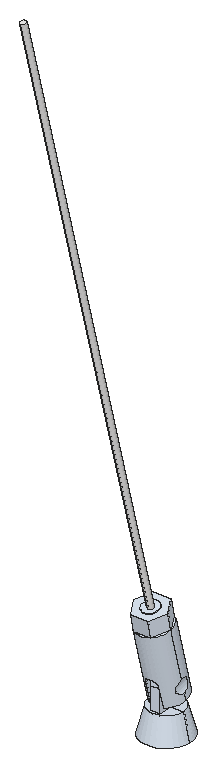
Revit family "Displays_Pier_ASHanging_Articulated", category Generic Models, Revit 2026
Family settings
  Can host rebar = No
  Round Connector Dimension = Use Diameter
  Part Type = Normal
  Classification Number = 23.40.90.11
  Work Plane-Based = Yes
  Always vertical = No
  Cut with Voids When Loaded = No
  Maintain Annotation Orientation = No
  Shared = Yes
  Room Calculation Point = No
Parameters (values of type "Top")
  Width = 0' - 0.83"
  V Offset [instance] = 3' - 10.36444"
  URL = "https://www.ashanging.com/"
  Specification = "http://www.arcat.com/sd/clients/ashangin.html?coid=45277"
  Sales Information = "https://www.ashanging.com/en/contacts/"
  Revision = "R1_2017"
  Product Properties = "https://www.ashanging.com/en/tensioned-cable-system/"
  Product Data = "http://www.arcat.com/arcatcos/cos45/arc45245.html"
  Model = "Articulated Pier"
  Manufacturer Website = "https://www.ashanging.com/"
  Manufacturer Phone - Toll Free = "866-935-6981"
  Manufacturer Phone = ""
  Manufacturer Fax = ""
  Manufacturer Address = "8396 State Route 9, West Chazy, NY 12992"
  Top = yes
  Manufacturer = "AS Hanging"
  Length [instance] = 1' - 0"
  Keynote = "10 14 00"
  Installation-Fabrication = "https://www.ashanging.com/en/support-documents/"
  Height = 0' - 2.2"
  Pier = Brushed Nickel
  H Offset [instance] = 1' - 0.42331"
  Drawn By = "Sumex Design, Robert S. Weygant"
  Description = "AS Hanging Articulated Pier"
  Default Elevation = 4' - 0"
  Copyright = "2017 ARCAT, Inc"
  Construction Details = ""
  Cap = Pier_ASH_Artic-Top : Top
  Calcang [instance] = (Angle - 90.00°)  # -15.00°
  Cable = Stainless Steel
  CL Offset = 0' - 0.83832"
  Assembly Code = "C1030500"
  Angle [instance] = 75.00°
Types (2): name | Width | Specification | Manufacturer Phone - Toll Free | Top | Length | Height | Cap | Calcang | Cable | Angle
  Top | 0' - 0.83" | "http://www.arcat.com/sd/clients/ashangin.html?coid=45277" | "866-935-6981" | yes | 1' - 0" | 0' - 2.2" | Pier_ASH_Artic-Top : Top | -15.00° | Stainless Steel | 75.00°
  Bottom | 0' - 1" | "http://www.arcat.com/sd/clients/ashangin.html?coid=45276" | "866-935-6980" | no | 2' - 7" | 0' - 0 1/2" | Pier_ASH_Artic-Top : Bottom | -45.00° | none | 45.00°
Reference planes (in)
  plane 1 "Center (Front/Back)": y = 0
  plane 2 "TwistPlacement": z = 0
  plane 3 "Center (Left/Right)": x = 0
  plane 4 "Hook Placement": z = 22
  plane 5: z = 2.2
  plane 6: x = -0.415
  plane 7: x = 0.415
  plane 8: z = 0.83832
Forms (in)
  Revolve 1, solid, material "Brushed Nickel" <- "Pier", visible <- "Top"
    sketch origin (0, 0, 0) x (1, 0, 0) y (0, 0, 1)
      loop
        line (0, 0) -> (0, 0.44) -> (-0.2971, 0.44) -> (-0.415, 0) -> (0, 0)
      axis (0, 0.44) -> (0, 0)
    angle from 0 to 360
  Extrusion 2, solid, material "Brushed Nickel" <- "Pier"
    sketch origin (0, 0, 0) x (0, 1, 0) y (0, 0, 1)
      loop
        line (-0.23399, 0.44) -> (0.23563, 0.44) -> (0.23563, 0.8227)
        arc (0.23563, 0.8227) -> (0.00082, 1.05751) -> (-0.23399, 0.8227) r 0.23481
        line (-0.23399, 0.8227) -> (-0.23399, 0.44)
    from -0.07813 to 0.07813
  Sweep 3, solid, material "Stainless Steel" <- "Cable", visible <- "Top"
    path in 3D
      loop
        line (0, -0.25882, 1.80425) -> (0, -3.10583, 12.42943)
    profile origin (0, -1.68232, 7.11684) x (0, -0.965926, -0.258819) y (1, 0, 0)
      loop
        circle (0, 0) r 0.04687
Lines and regions (in)
  reference lines
    curve 1: line (0, 1.43033, 0.83832) -> (0, -1.49042, 0.83832)
    curve 2: line (0, 0, 0.83832) -> (0, -8.02339, 30.78202)
    curve 3: line (0, 0, 0.83832) -> (0, -10.484, -1.97086)
    curve 4: line (0, 2.68973, 13.98235) -> (0, -7.93546, 11.13534)
  model lines
    curve 5: line (0, -0.25882, 1.80425) -> (0, -3.10583, 12.42943)
  sketch lines
    curve 6: line (0, -0.25882, 1.80425) -> (0, -3.10583, 12.42943)
Dimensions and locks (in)
  plane 4 "Hook Placement" to plane 2 "TwistPlacement" = 1' - 10"
  "Height": plane 5 to level
  Revolve 1 sketch curve to level = 0' - 0.44"
  "Width": plane 6 to plane 7
  equal spacing: plane 6, plane 3 "Center (Left/Right)", plane 7
  "Length": curve 3 to curve 4
  locked: curve 3 to curve 5 at 1
  "CL Offset": plane 8 to level
  "Angle": angle curve 1 to curve 2
  locked: curve 3 to curve 2 (angle 90.00°)
  aligned and locked: plane 2 "TwistPlacement" to level
  aligned and locked: level to Revolve 1 sketch curve
  aligned and locked: plane 3 "Center (Left/Right)" to Revolve 1 sketch curve
  aligned and locked: plane 3 "Center (Left/Right)" to nested 1
  aligned and locked: curve 1 to plane 8
  aligned and locked: plane 1 "Center (Front/Back)" to curve 3
  aligned and locked: plane 1 "Center (Front/Back)" to curve 2
  aligned and locked: plane 8 to curve 2
  aligned and locked: curve 4 to curve 5
Automatic sketch dimensions
  plane 6 to Revolve 1 sketch curve = 0' - 0"
  Revolve 1 sketch curve to plane 3 "Center (Left/Right)" = 0' - 0"
  Revolve 1 sketch curve to plane 6 = 0' - 0.1179"
  Revolve 1 sketch curve to level = 2' - 0"
  plane 1 "Center (Front/Back)" to Extrusion 2 sketch curve = 0' - 0.23399"
  Extrusion 2 sketch curve to plane 1 "Center (Front/Back)" = 0' - 0.00082"
  Extrusion 2 sketch curve to plane 8 = 0' - 0.39832"
  Extrusion 2 sketch curve to plane 8 = 0' - 0 1/64"
  Sweep 3 sketch curve to profile plane = 0' - 0"  (x2)
  curve 5 to curve 2 = 0' - 0"
  plane 4 "Hook Placement" to Revolve 1 sketch curve = 6' - 10.41882"
  plane 1 "Center (Front/Back)" to curve 1 = 0' - 1.49042"
  curve 2 to curve 4 = 0' - 6"
  curve 4 to curve 2 = 0' - 5"
  radius of Sweep 3 sketch curve = 0' - 0 3/64"
Nested families (in)
  nested 1: "Pier_ASH_Artic-Top" at (0, 0, 0.83832) x (1, 0, 0) z (0, -0.2588, 0.9659), type <- "Cap", type "Top"
Definition of nested family "Pier_ASH_Artic-Top"
  Parameters
    Width = 0' - 0.83"
    Specification = ""
    Sales Information = ""
    Revision = ""
    Product Properties = ""
    Product Data = ""
    Manufacturer Website = ""
    Manufacturer Phone - Toll Free = ""
    Manufacturer Phone = ""
    Manufacturer Fax = ""
    Manufacturer Address = ""
    Top = no
    Keynote = "10 14 00"
    Installation-Fabrication = ""
    Height = 0' - 1.32753"
    Pier = none
    Drawn By = ""
    Default Elevation = 4' - 0"
    Copyright = ""
    Construction Details = ""
    Assembly Code = "C1030500"
  Reference planes (in)
    plane 1 "Center (Front/Back)": y = 0
    plane 2 "TwistPlacement": z = 0
    plane 3 "Center (Left/Right)": x = 0
    plane 4 "Hook Placement": z = 22
    plane 5 "Top": z = 1.32753
    plane 6: x = -0.415
    plane 7: x = 0.415
    plane 8 "Nut": z = 1.02404
  Forms (in)
    Extrusion 1, solid, material <- "Pier", visible <- "Top"
      sketch origin (0, 0, 1.02404) x (-1, 0, 0) y (0, -1, 0)
        loop
          line (0.14839, -0.25702) -> (0.29678, 0) -> (0.14839, 0.25702) -> (-0.14839, 0.25702) -> (-0.29678, 0) -> (-0.14839, -0.25702) -> (0.14839, -0.25702)
      from 0 to 0.30348
    Extrusion 2, void
      sketch origin (0, 0, -0.25) x (1, 0, 0) y (0, 0, 1)
        loop
          line (-0.11211, 0) -> (0.11211, 0) -> (0.11211, 0.375)
          arc (0.11211, 0.375) -> (0, 0.48711) -> (-0.11211, 0.375) r 0.11211
          line (-0.11211, 0.375) -> (-0.11211, 0)
        loop
          line (0.415, 0.02493) -> (0.415, 0.47507)
          arc (0.415, 0.47507) -> (0.26409, 0.25) -> (0.415, 0.02493) r 0.24329
        loop
          arc (-0.415, 0.02493) -> (-0.26409, 0.25) -> (-0.415, 0.47507) r 0.24329
          line (-0.415, 0.47507) -> (-0.415, 0.02493)
      from -0.41476 to 0.42097
    Extrusion 3, solid, material <- "Pier"
      sketch origin (0, 0, 1.02404) x (-1, 0, 0) y (0, -1, 0)
        loop
          circle (0, 0) r 0.29678
      from -1.27404 to 0
    Extrusion 4, solid, material <- "Pier"
      sketch origin (0, 0, 1.02404) x (-1, 0, 0) y (0, -1, 0)
        loop
          circle (0, 0) r 0.14216
      from 0 to 0.30348
  Cuts and joins
    Extrusion 2 cuts Extrusion 3
  Dimensions and locks (in)
    plane 4 "Hook Placement" to plane 2 "TwistPlacement" = 1' - 10"
    "Height": plane 5 "Top" to level
    "Width": plane 6 to plane 7
    equal spacing: plane 6, plane 3 "Center (Left/Right)", plane 7
    plane 5 "Top" to plane 8 "Nut" = 0' - 0.30348"
    equal spacing: Extrusion 2 sketch curve, plane 3 "Center (Left/Right)", Extrusion 2 sketch curve
    Extrusion 2 sketch curve to Extrusion 2 sketch curve = 0' - 0.22421"
    aligned and locked: plane 2 "TwistPlacement" to level
    aligned and locked: plane 8 "Nut" to Extrusion 3
    aligned and locked: Extrusion 4 to plane 8 "Nut"
    aligned and locked: plane 5 "Top" to Extrusion 4
  Automatic sketch dimensions
    plane 6 to Extrusion 2 sketch curve = 0' - 0"
    plane 7 to Extrusion 2 sketch curve = 0' - 0"
    Extrusion 2 sketch curve to level = 0' - 0 1/4"
    plane 6 to Extrusion 2 sketch curve = 0' - 0.09238"
    Extrusion 2 sketch curve to plane 7 = 0' - 0.09238"
    Extrusion 2 sketch curve to level = 0' - 0.22507"  (x2)
    Extrusion 2 sketch curve to Extrusion 2 sketch curve = 0' - 0.22507"  (x2)
    level to Extrusion 2 sketch curve = 0' - 0 1/8"
    plane 1 "Center (Front/Back)" to Extrusion 3 sketch curve = 0' - 0"
    Extrusion 3 sketch curve to plane 3 "Center (Left/Right)" = 0' - 0"
    plane 1 "Center (Front/Back)" to Extrusion 4 sketch curve = 0' - 0"
    Extrusion 4 sketch curve to plane 3 "Center (Left/Right)" = 0' - 0"
    radius of Extrusion 3 sketch curve = 0' - 0.29678"
    radius of Extrusion 4 sketch curve = 0' - 0.14216"
